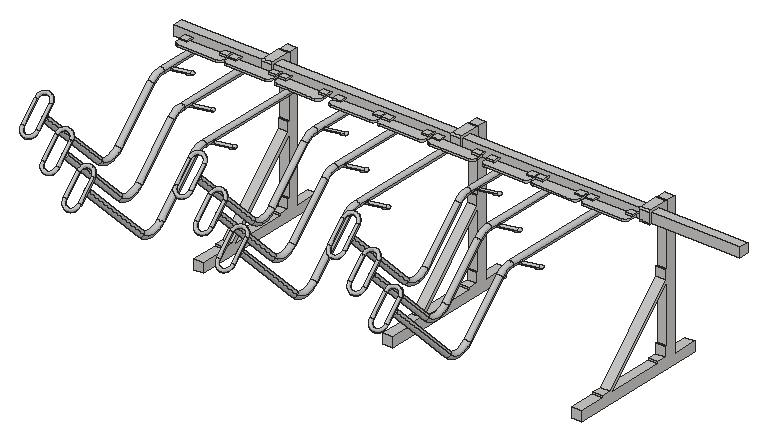
Revit family "Bicycle-Rack_Dero_Bike-File-Wall", category Generic Models, host Face, Revit 2026
Family settings
  Host = Face
  Can host rebar = No
  Round Connector Dimension = Use Diameter
  Part Type = Normal
  Classification Number = 23.40.10.11.11
  Cut with Voids When Loaded = No
  Maintain Annotation Orientation = No
  Shared = No
  Room Calculation Point = No
Parameters (values of type "as Specified")
  Unit Width = 8' - 0"
  Unit Height = 2' - 0"
  Unit Depth = 2' - 0"
  URL = "http://www.dero.com/"
  Type Comments = ""
  Specification = "https://www.arcat.com/company/dero-bike-rack-co-a-playcore-company-39089/spec"
  Recycled Content [instance] = "as Specified"
  Product Page URL = "https://www.arcat.com/company/dero-bike-rack-co-a-playcore-company-39089"
  Mounting Height = 6' - 0"
  Model = "Bike File Wall"
  Manufacturer = "Dero Bike Rack Co."
  Keynote = "12 93 13"
  Fixture Finish [instance] = Metal - Steel - Galvanized
  Description = "Dero Wall Mounted Bike Rack - Bike File as Specified"
  Default Elevation = 0' - 0"  # constant formula
  Cost = 0
  Copyright = "ARCAT"  # constant formula
  Capacity = "9 Bikes per Unit"
  CAD Details = "https://www.arcat.com/company/dero-bike-rack-co-a-playcore-company-39089/cad"
  Available Options = "Galvanized"
  Assembly Code = "E1090900"
Reference planes (in)
  plane 1 "Center (Front/Back)": y = 30
  plane 2: z = 0
  plane 3 "Center (Left/Right)": x = 0
  plane 4: x = -48
  plane 5: x = 48
  plane 6: x = -32
  plane 7: x = 32
  plane 8 "FF": y = -42
Forms (in)
  Extrusion 1, solid, material "Metal - Steel - Galvanized" <- "Fixture Finish"
    sketch origin (0, 0, 0) x (0, 1, 0) y (0, 0, 1)
      loop
        line (30, 0) -> (54, 0) -> (54, 1.625) -> (49.75, 1.625) -> (49.75, 25.625) -> (48.125, 25.625) -> (48.125, 15.1875) -> (47.875, 15.1875) -> (47.875, 13.625) -> (36.125, 1.875) -> (34.5, 1.875) -> (34.5, 1.625) -> (30, 1.625) -> (30, 0)
      loop
        line (36.3125, 1.625) -> (46.25, 1.625) -> (46.25, 1.875) -> (47.875, 1.875) -> (47.875, 3.5) -> (48.125, 3.5) -> (48.125, 13.4375) -> (36.3125, 1.625)
    from 0.8125 to -0.8125
  Extrusion 2, solid, material "Metal - Steel - Galvanized" <- "Fixture Finish"
    sketch origin (32, 10.73464, 48) x (0, 1, 0) y (0, 0, 1)
      loop
        line (19.26536, -48) -> (43.26536, -48) -> (43.26536, -46.375) -> (39.01536, -46.375) -> (39.01536, -22.375) -> (37.39036, -22.375) -> (37.39036, -32.8125) -> (37.14036, -32.8125) -> (37.14036, -34.375) -> (25.39036, -46.125) -> (23.76536, -46.125) -> (23.76536, -46.375) -> (19.26536, -46.375) -> (19.26536, -48)
      loop
        line (25.57786, -46.375) -> (35.51536, -46.375) -> (35.51536, -46.125) -> (37.14036, -46.125) -> (37.14036, -44.5) -> (37.39036, -44.5) -> (37.39036, -34.5625) -> (25.57786, -46.375)
    from 0.8125 to -0.8125
  Extrusion 3, solid, material "Metal - Steel - Galvanized" <- "Fixture Finish"
    sketch origin (-32, 10.73464, 48) x (0, 1, 0) y (0, 0, 1)
      loop
        line (19.26536, -48) -> (43.26536, -48) -> (43.26536, -46.375) -> (39.01536, -46.375) -> (39.01536, -22.375) -> (37.39036, -22.375) -> (37.39036, -32.8125) -> (37.14036, -32.8125) -> (37.14036, -34.375) -> (25.39036, -46.125) -> (23.76536, -46.125) -> (23.76536, -46.375) -> (19.26536, -46.375) -> (19.26536, -48)
      loop
        line (25.57786, -46.375) -> (35.51536, -46.375) -> (35.51536, -46.125) -> (37.14036, -46.125) -> (37.14036, -44.5) -> (37.39036, -44.5) -> (37.39036, -34.5625) -> (25.57786, -46.375)
    from 0.8125 to -0.8125
Dimensions and locks (in)
  equal spacing: plane 4, plane 3 "Center (Left/Right)", plane 5
  "Unit Width": plane 4 to plane 5
  locked: plane 6 to plane 3 "Center (Left/Right)" at 32
  locked: plane 3 "Center (Left/Right)" to plane 7 at 32
  "Mounting Height": plane 1 "Center (Front/Back)" to plane 8 "FF"
  aligned and locked: plane 2 to host face
  aligned and locked: level to host face
Automatic sketch dimensions
  host sketch curve to host sketch curve = 8' - 0"  (x2)
  Extrusion 1 sketch curve to level = 0' - 0"
  Extrusion 1 sketch curve to plane 1 "Center (Front/Back)" = 0' - 0"
  level to Extrusion 1 sketch curve = 0' - 1 5/8"  (x3)
  Extrusion 1 sketch curve to Extrusion 1 sketch curve = 0' - 4 1/2"
  Extrusion 1 sketch curve to Extrusion 1 sketch curve = 0' - 1 5/8"  (x4)
  Extrusion 1 sketch curve to Extrusion 1 sketch curve = 0' - 0 3/16"  (x2)
  level to Extrusion 1 sketch curve = 0' - 1 7/8"
  Extrusion 1 sketch curve to Extrusion 1 sketch curve = 0' - 9 15/16"  (x2)
  Extrusion 1 sketch curve to Extrusion 1 sketch curve = 0' - 0"
  Extrusion 1 sketch curve to Extrusion 1 sketch curve = 0' - 0 1/4"  (x3)
  Extrusion 1 sketch curve to Extrusion 1 sketch curve = 0' - 4 1/4"
  Extrusion 1 sketch curve to Extrusion 1 sketch curve = 0' - 1 9/16"
  Extrusion 2 sketch curve to level = 0' - 0"
  Extrusion 2 sketch curve to plane 1 "Center (Front/Back)" = 0' - 0"
  level to Extrusion 2 sketch curve = 0' - 1 5/8"  (x3)
  Extrusion 2 sketch curve to plane 1 "Center (Front/Back)" = 0' - 4 1/2"
  Extrusion 2 sketch curve to Extrusion 2 sketch curve = 0' - 1 5/8"  (x4)
  Extrusion 2 sketch curve to Extrusion 2 sketch curve = 0' - 0 3/16"  (x2)
  level to Extrusion 2 sketch curve = 0' - 1 7/8"
  Extrusion 2 sketch curve to Extrusion 2 sketch curve = 0' - 9 15/16"  (x2)
  Extrusion 2 sketch curve to Extrusion 2 sketch curve = 0' - 0"
  Extrusion 2 sketch curve to Extrusion 2 sketch curve = 0' - 0 1/4"  (x3)
  Extrusion 2 sketch curve to Extrusion 2 sketch curve = 0' - 4 1/4"
  Extrusion 2 sketch curve to Extrusion 2 sketch curve = 0' - 1 9/16"
  Extrusion 3 sketch curve to level = 0' - 0"
  Extrusion 3 sketch curve to plane 1 "Center (Front/Back)" = 0' - 0"
  level to Extrusion 3 sketch curve = 0' - 1 5/8"  (x3)
  Extrusion 3 sketch curve to Extrusion 3 sketch curve = 0' - 4 1/2"
  Extrusion 3 sketch curve to Extrusion 3 sketch curve = 0' - 1 5/8"  (x4)
  Extrusion 3 sketch curve to Extrusion 3 sketch curve = 0' - 0 3/16"  (x2)
  level to Extrusion 3 sketch curve = 0' - 1 7/8"
  Extrusion 3 sketch curve to Extrusion 3 sketch curve = 0' - 9 15/16"  (x2)
  Extrusion 3 sketch curve to Extrusion 3 sketch curve = 0' - 0"
  Extrusion 3 sketch curve to Extrusion 3 sketch curve = 0' - 0 1/4"  (x3)
  Extrusion 3 sketch curve to Extrusion 3 sketch curve = 0' - 4 1/4"
  Extrusion 3 sketch curve to Extrusion 3 sketch curve = 0' - 1 9/16"
  Extrusion 1 sketch curve to Extrusion 1 sketch curve = 0' - 10 7/16"
  Extrusion 2 sketch curve to Extrusion 2 sketch curve = 0' - 10 7/16"
  Extrusion 3 sketch curve to Extrusion 3 sketch curve = 0' - 10 7/16"
Nested families (in)
  nested 1: "Bike-File-Ceiling" at (0, 48.125, 24.5625) x (-1, 0, 0) z (0, -1, 0), Fixture Finish <- "Fixture Finish", type "Bike-File-Ceiling"
    with Recycled Content "as Specified", Locate Third Bracket 6' - 8", Locate Second Bracket 4' - 0", Locate First Bracket 1' - 4", Fixture Finish Metal - Steel - Galvanized
Definition of nested family "Bike-File-Ceiling"
  Parameters
    Warranty Duration (Years) = 0
    Unit Width = 8' - 0"
    Unit Height = 2' - 11"
    Unit Depth = 0' - 2 3/8"
    URL = "http://www.dero.com/"
    Standards Conformance = "as Specified"
    Specification = "http://www.arcat.com/sdspecs/htm04/12_93_13der.htm"
    SpecWizard = ""
    Sales Information = "http://www.dero.com/contact"
    Recycled Content [instance] = "as Specified"
    Product Properties = ""
    Product Data = "http://www.arcat.com/arcatcos/cos39/arc39089.html"
    Model = "As Specified"
    Manufacturer Website = "http://www.dero.com/"
    Manufacturer Phone - Toll Free = "888-337-6729"
    Manufacturer Phone = "612-359-0689"
    Manufacturer Fax = "612-331-2731"
    Manufacturer Address = "504 Malcolm Ave. SE  Suite 100  Minneapolis, MN 55414"
    Manufacturer = "Dero Bike Rack Co."
    Maintenance Schedule (Months) = 0
    Locate Third Bracket [instance] = 6' - 4"
    Locate Second Bracket [instance] = 3' - 9"
    Locate First Bracket [instance] = 1' - 4"
    Keynote = "12 93 13"
    Installation Phase = "as Specified"
    Green Building-LEED = ""
    Fixture Finish [instance] = none
    Expected Lifespan (Years) = 0
    Drawn By = "Sumex Design, Inc. / Robert S. Weygant, CSI, CDT, SCIP"  # constant formula
    Description = "Dero Bike Rack as Specified"
    Default Elevation = 0' - 0"  # constant formula
    Copyright = "©Arcat Inc. R1_2016-06"  # constant formula
    Construction Details = "http://www.arcat.com/details/derobike/derobike.html?coid=39089"
    Capacity = "as Specified"
    Available Options = "as Specified"
    Assembly Code = "E1090900"
  Reference planes (in)
    plane 1 "Center (Front/Back)": y = 0
    plane 2: z = 0
    plane 3 "Center (Left/Right)": x = 0
    plane 4: x = -48
    plane 5: x = 48
    plane 6: z = 35
    plane 7: x = -32
    plane 8: x = 28
    plane 9: x = -3
    plane 10: z = 2.6875
  Forms (in)
    Extrusion 1, solid
      sketch origin (0, 0, 0) x (1, 0, 0) y (0, 1, 0)
        loop
          line (-48, 48) -> (-48, -48) -> (48, -48) -> (48, 48) -> (-48, 48)
      from 0 to -12
    Extrusion 2, solid, material <- "Fixture Finish"
      sketch origin (-32, 19.13326, 48) x (0, 1, 0) y (0, 0, 1)
        loop
          line (-19.94576, -48) -> (-18.32076, -48)
          arc (-18.32076, -48) -> (-18.14399, -47.92678) -> (-18.07076, -47.75) r 0.25
          line (-18.07076, -47.75) -> (-18.07076, -44.5)
          arc (-18.07076, -44.5) -> (-18.14399, -44.32322) -> (-18.32076, -44.25) r 0.25
          line (-18.32076, -44.25) -> (-19.94576, -44.25)
          arc (-19.94576, -44.25) -> (-20.12254, -44.32322) -> (-20.19576, -44.5) r 0.25
          line (-20.19576, -44.5) -> (-20.19576, -47.75)
          arc (-20.19576, -47.75) -> (-20.12254, -47.92678) -> (-19.94576, -48) r 0.25
      from 0.8125 to -0.8125
    Extrusion 3, solid, material <- "Fixture Finish"
      sketch origin (-3, 19.13326, 48) x (0, 1, 0) y (0, 0, 1)
        loop
          line (-19.94576, -48) -> (-18.32076, -48)
          arc (-18.32076, -48) -> (-18.14399, -47.92678) -> (-18.07076, -47.75) r 0.25
          line (-18.07076, -47.75) -> (-18.07076, -44.5)
          arc (-18.07076, -44.5) -> (-18.14399, -44.32322) -> (-18.32076, -44.25) r 0.25
          line (-18.32076, -44.25) -> (-19.94576, -44.25)
          arc (-19.94576, -44.25) -> (-20.12254, -44.32322) -> (-20.19576, -44.5) r 0.25
          line (-20.19576, -44.5) -> (-20.19576, -47.75)
          arc (-20.19576, -47.75) -> (-20.12254, -47.92678) -> (-19.94576, -48) r 0.25
      from 0.8125 to -0.8125
    Extrusion 4, solid, material <- "Fixture Finish"
      sketch origin (28, 19.13326, 48) x (0, 1, 0) y (0, 0, 1)
        loop
          line (-19.94576, -48) -> (-18.32076, -48)
          arc (-18.32076, -48) -> (-18.14399, -47.92678) -> (-18.07076, -47.75) r 0.25
          line (-18.07076, -47.75) -> (-18.07076, -44.5)
          arc (-18.07076, -44.5) -> (-18.14399, -44.32322) -> (-18.32076, -44.25) r 0.25
          line (-18.32076, -44.25) -> (-19.94576, -44.25)
          arc (-19.94576, -44.25) -> (-20.12254, -44.32322) -> (-20.19576, -44.5) r 0.25
          line (-20.19576, -44.5) -> (-20.19576, -47.75)
          arc (-20.19576, -47.75) -> (-20.12254, -47.92678) -> (-19.94576, -48) r 0.25
      from 0.8125 to -0.8125
    Extrusion 5, solid, material <- "Fixture Finish"
      sketch origin (0, 0, 1.625) x (0, 1, 0) y (0, 0, 1)
        loop
          line (-0.8125, 0.25) -> (0.8125, 0.25) -> (0.8125, 1.875) -> (-0.8125, 1.875) -> (-0.8125, 0.25)
      from -48 to 48
  Dimensions and locks (in)
    "Unit Height": plane 6 to level
    equal spacing: plane 4, plane 3 "Center (Left/Right)", plane 5
    "Unit Width": plane 4 to plane 5
    "Locate First Bracket": plane 4 to plane 7
    "Locate Third Bracket": plane 4 to plane 8
    "Locate Second Bracket": plane 4 to plane 9
    aligned and locked: plane 2 to Extrusion 1
    aligned and locked: level to Extrusion 1
    aligned and locked: plane 5 to Extrusion 5
    aligned and locked: Extrusion 5 to plane 4
  Automatic sketch dimensions
    Extrusion 1 sketch curve to Extrusion 1 sketch curve = 8' - 0"  (x2)
    Extrusion 2 sketch curve to level = 0' - 0"
    level to Extrusion 2 sketch curve = 0' - 0 1/4"
    plane 1 "Center (Front/Back)" to Extrusion 2 sketch curve = 0' - 1 1/16"
    Extrusion 2 sketch curve to Extrusion 2 sketch curve = 0' - 0 1/4"  (x2)
    Extrusion 2 sketch curve to plane 1 "Center (Front/Back)" = 0' - 0 13/16"  (x2)
    Extrusion 2 sketch curve to Extrusion 2 sketch curve = 0' - 3 1/4"
    Extrusion 3 sketch curve to level = 0' - 0"
    level to Extrusion 3 sketch curve = 0' - 0 1/4"  (x2)
    plane 1 "Center (Front/Back)" to Extrusion 3 sketch curve = 0' - 1 1/16"
    Extrusion 3 sketch curve to Extrusion 3 sketch curve = 0' - 0 1/4"
    Extrusion 3 sketch curve to plane 1 "Center (Front/Back)" = 0' - 0 13/16"  (x2)
    Extrusion 3 sketch curve to Extrusion 3 sketch curve = 0' - 3 1/4"
    Extrusion 4 sketch curve to level = 0' - 0"
    level to Extrusion 4 sketch curve = 0' - 0 1/4"  (x2)
    plane 1 "Center (Front/Back)" to Extrusion 4 sketch curve = 0' - 1 1/16"
    Extrusion 4 sketch curve to Extrusion 4 sketch curve = 0' - 0 1/4"
    Extrusion 4 sketch curve to plane 1 "Center (Front/Back)" = 0' - 0 13/16"  (x2)
    Extrusion 4 sketch curve to Extrusion 4 sketch curve = 0' - 3 1/4"
    Extrusion 5 sketch curve to plane 1 "Center (Front/Back)" = 0' - 0 13/16"
    level to Extrusion 5 sketch curve = 0' - 1 7/8"
    plane 1 "Center (Front/Back)" to Extrusion 5 sketch curve = 0' - 0 13/16"
    Extrusion 5 sketch curve to Extrusion 5 sketch curve = 0' - 1 5/8"
  Nested families (in)
    nested 1: "FileL" at (25.25, 0, 2.6875), finish <- "Fixture Finish", type "FileL"
      with finish none
    nested 2: "FileM" at (33.75, 0, 2.6875), finish <- "Fixture Finish", type "FileM"
      with finish none
    nested 3: "FileS" at (42, 0, 2.6875), finish <- "Fixture Finish", type "FileS"
      with finish none
    nested 4: "FileL" at (-0.75, 0, 2.6875), finish <- "Fixture Finish", type "FileL"
      with finish none
    nested 5: "FileM" at (7.75, 0, 2.6875), finish <- "Fixture Finish", type "FileM"
      with finish none
    nested 6: "FileS" at (16, 0, 2.6875), finish <- "Fixture Finish", type "FileS"
      with finish none
    nested 7: "FileL" at (-26.75, 0, 2.6875), finish <- "Fixture Finish", type "FileL"
      with finish none
    nested 8: "FileM" at (-18.25, 0, 2.6875), finish <- "Fixture Finish", type "FileM"
      with finish none
    nested 9: "FileS" at (-10, 0, 2.6875), finish <- "Fixture Finish", type "FileS"
      with finish none
  Definition of nested family "FileL"
    Parameters
      finish [instance] = none
      Default Elevation = 4' - 0"
    Reference planes (in)
      plane 1 "Center (Front/Back)": y = 0
      plane 2: z = 0
      plane 3 "Center (Left/Right)": x = 0
    Forms (in)
      Extrusion 1, solid, material <- "finish"
        sketch origin (0, 0, 0) x (1, 0, 0) y (0, 0, 1)
          loop
            circle (-3.375, 0) r 0.625
          loop
            circle (3.375, 0) r 0.625
        from -0.59375 to 0.59375
      Extrusion 2, solid, material <- "finish"
        sketch origin (0, 0, 0) x (1, 0, 0) y (0, 0, 1)
          loop
            line (-4, 0) -> (-2.75, 0) -> (-2.75, 2) -> (-4, 2) -> (-4, 0)
          loop
            line (2.75, 0) -> (4, 0) -> (4, 2) -> (2.75, 2) -> (2.75, 0)
        from 0.125 to -0.125
      Extrusion 3, solid, material <- "finish"
        sketch origin (0, 0, 0) x (1, 0, 0) y (0, 0, 1)
          loop
            line (-4, 1.375) -> (4, 1.375) -> (4, 2.625)
            arc (4, 2.625) -> (3.78033, 3.15533) -> (3.25, 3.375) r 0.75
            line (3.25, 3.375) -> (-3.25, 3.375)
            arc (-3.25, 3.375) -> (-3.78033, 3.15533) -> (-4, 2.625) r 0.75
            line (-4, 2.625) -> (-4, 1.375)
        from 0.125 to 0.375
      Sweep 4, solid, material <- "finish"
        path origin (0, 0, 0) x (0, 1, 0) y (0, 0, 1)
          loop
            line (-0.375, 1.375) -> (-0.375, 21.125)
            arc (-0.375, 21.125) -> (-0.64142, 22.46439) -> (-1.40013, 23.59987) r 3.5
            line (-1.40013, 23.59987) -> (-8.29442, 30.49416)
            arc (-8.29442, 30.49416) -> (-9.02665, 32.26193) -> (-8.29442, 34.0297) r 2.5
            line (-8.29442, 34.0297) -> (3.01929, 45.34341)
        profile origin (0, -0.375, 11.25) x (0, -1, 0) y (1, 0, 0)
          loop
            circle (0.5, 1.5) r 0.5
      Sweep 5, solid, material <- "finish"
        path origin (0, 3.01929, 45.34341) x (1, 0, 0) y (0, 0.707107, -0.707107)
          loop
            arc (1.5, -2.5) -> (2.75, -3.75) -> (4, -2.5) r 1.25
            line (4, -2.5) -> (4, 1.5)
            arc (4, 1.5) -> (2.75, 2.75) -> (1.5, 1.5) r 1.25
            line (1.5, 1.5) -> (1.5, -2.5)
        profile origin (1.5, 2.66574, 45.69696) x (-1, 0, 0) y (0, 0.707107, 0.707107)
          loop
            circle (0, 0.25) r 0.25
      Revolve 6, solid, material <- "finish"
        sketch origin (0, -1, 39.62059) x (1, 0, 0) y (0, 0, 1)
          loop
            arc (-2.02719, -20.42731) -> (-2.27719, -20.53087) -> (-2.38074, -20.78087) r 0.35355
            line (-2.38074, -20.78087) -> (1.24148, -19.8103) -> (1.17678, -19.56881) -> (-2.02719, -20.42731)
          axis (1.24148, -19.8103) -> (-2.38074, -20.78087)
        angle from 0 to 360
    Cuts and joins
      joined: Extrusion 1, Extrusion 2
    Dimensions and locks (in)
      aligned and locked: plane 2 to level
  Definition of nested family "FileM"
    Parameters
      finish [instance] = none
      Default Elevation = 4' - 0"
    Reference planes (in)
      plane 1 "Center (Front/Back)": y = 0
      plane 2: z = 0
      plane 3 "Center (Left/Right)": x = 0
    Forms (in)
      Extrusion 1, solid, material <- "finish"
        sketch origin (0, 0, 0) x (1, 0, 0) y (0, 0, 1)
          loop
            circle (-3.375, 0) r 0.625
          loop
            circle (3.375, 0) r 0.625
        from -0.59375 to 0.59375
      Extrusion 2, solid, material <- "finish"
        sketch origin (0, 0, 0) x (1, 0, 0) y (0, 0, 1)
          loop
            line (-4, 0) -> (-2.75, 0) -> (-2.75, 2) -> (-4, 2) -> (-4, 0)
          loop
            line (2.75, 0) -> (4, 0) -> (4, 2) -> (2.75, 2) -> (2.75, 0)
        from 0.125 to -0.125
      Extrusion 3, solid, material <- "finish"
        sketch origin (0, 0, 0) x (1, 0, 0) y (0, 0, 1)
          loop
            line (-4, 1.375) -> (4, 1.375) -> (4, 2.625)
            arc (4, 2.625) -> (3.78033, 3.15533) -> (3.25, 3.375) r 0.75
            line (3.25, 3.375) -> (-3.25, 3.375)
            arc (-3.25, 3.375) -> (-3.78033, 3.15533) -> (-4, 2.625) r 0.75
            line (-4, 2.625) -> (-4, 1.375)
        from 0.125 to 0.375
      Sweep 4, solid, material <- "finish"
        path origin (0, 0, -6) x (0, 1, 0) y (0, 0, 1)
          loop
            line (-0.375, 7.375) -> (-0.375, 21.125)
            arc (-0.375, 21.125) -> (-0.64142, 22.46439) -> (-1.40013, 23.59987) r 3.5
            line (-1.40013, 23.59987) -> (-8.29442, 30.49416)
            arc (-8.29442, 30.49416) -> (-9.02665, 32.26193) -> (-8.29442, 34.0297) r 2.5
            line (-8.29442, 34.0297) -> (3.01929, 45.34341)
        profile origin (0, -0.375, 8.25) x (0, -1, 0) y (1, 0, 0)
          loop
            circle (0.5, 1.5) r 0.5
      Sweep 5, solid, material <- "finish"
        path origin (0, 3.01929, 39.34341) x (1, 0, 0) y (0, 0.707107, -0.707107)
          loop
            arc (1.5, -2.5) -> (2.75, -3.75) -> (4, -2.5) r 1.25
            line (4, -2.5) -> (4, 1.5)
            arc (4, 1.5) -> (2.75, 2.75) -> (1.5, 1.5) r 1.25
            line (1.5, 1.5) -> (1.5, -2.5)
        profile origin (1.5, 2.66574, 39.69696) x (-1, 0, 0) y (0, 0.707107, 0.707107)
          loop
            circle (0, 0.25) r 0.25
      Revolve 6, solid, material <- "finish"
        sketch origin (0, -1, 33.62059) x (1, 0, 0) y (0, 0, 1)
          loop
            arc (-2.02719, -20.42731) -> (-2.27719, -20.53087) -> (-2.38074, -20.78087) r 0.35355
            line (-2.38074, -20.78087) -> (1.24148, -19.8103) -> (1.17678, -19.56881) -> (-2.02719, -20.42731)
          axis (1.24148, -19.8103) -> (-2.38074, -20.78087)
        angle from 0 to 360
    Cuts and joins
      joined: Extrusion 1, Extrusion 2
    Dimensions and locks (in)
      aligned and locked: plane 2 to level
  Definition of nested family "FileS"
    Parameters
      finish [instance] = none
      Default Elevation = 4' - 0"
    Reference planes (in)
      plane 1 "Center (Front/Back)": y = 0
      plane 2: z = 0
      plane 3 "Center (Left/Right)": x = 0
    Forms (in)
      Extrusion 1, solid, material <- "finish"
        sketch origin (0, 0, 0) x (1, 0, 0) y (0, 0, 1)
          loop
            circle (-3.375, 0) r 0.625
          loop
            circle (3.375, 0) r 0.625
        from -0.59375 to 0.59375
      Extrusion 2, solid, material <- "finish"
        sketch origin (0, 0, 0) x (1, 0, 0) y (0, 0, 1)
          loop
            line (-4, 0) -> (-2.75, 0) -> (-2.75, 2) -> (-4, 2) -> (-4, 0)
          loop
            line (2.75, 0) -> (4, 0) -> (4, 2) -> (2.75, 2) -> (2.75, 0)
        from 0.125 to -0.125
      Extrusion 3, solid, material <- "finish"
        sketch origin (0, 0, 0) x (1, 0, 0) y (0, 0, 1)
          loop
            line (-4, 1.375) -> (4, 1.375) -> (4, 2.625)
            arc (4, 2.625) -> (3.78033, 3.15533) -> (3.25, 3.375) r 0.75
            line (3.25, 3.375) -> (-3.25, 3.375)
            arc (-3.25, 3.375) -> (-3.78033, 3.15533) -> (-4, 2.625) r 0.75
            line (-4, 2.625) -> (-4, 1.375)
        from 0.125 to 0.375
      Sweep 4, solid, material <- "finish"
        path origin (0, 0, -12) x (0, 1, 0) y (0, 0, 1)
          loop
            line (-0.375, 13.375) -> (-0.375, 21.125)
            arc (-0.375, 21.125) -> (-0.64142, 22.46439) -> (-1.40013, 23.59987) r 3.5
            line (-1.40013, 23.59987) -> (-8.29442, 30.49416)
            arc (-8.29442, 30.49416) -> (-9.02665, 32.26193) -> (-8.29442, 34.0297) r 2.5
            line (-8.29442, 34.0297) -> (3.01929, 45.34341)
        profile origin (0, -0.375, 5.25) x (0, -1, 0) y (1, 0, 0)
          loop
            circle (0.5, 1.5) r 0.5
      Sweep 5, solid, material <- "finish"
        path origin (0, 3.01929, 33.34341) x (1, 0, 0) y (0, 0.707107, -0.707107)
          loop
            arc (1.5, -2.5) -> (2.75, -3.75) -> (4, -2.5) r 1.25
            line (4, -2.5) -> (4, 1.5)
            arc (4, 1.5) -> (2.75, 2.75) -> (1.5, 1.5) r 1.25
            line (1.5, 1.5) -> (1.5, -2.5)
        profile origin (1.5, 2.66574, 33.69696) x (-1, 0, 0) y (0, 0.707107, 0.707107)
          loop
            circle (0, 0.25) r 0.25
      Revolve 6, solid, material <- "finish"
        sketch origin (0, -1, 27.62059) x (1, 0, 0) y (0, 0, 1)
          loop
            arc (-2.02719, -20.42731) -> (-2.27719, -20.53087) -> (-2.38074, -20.78087) r 0.35355
            line (-2.38074, -20.78087) -> (1.24148, -19.8103) -> (1.17678, -19.56881) -> (-2.02719, -20.42731)
          axis (1.24148, -19.8103) -> (-2.38074, -20.78087)
        angle from 0 to 360
    Cuts and joins
      joined: Extrusion 1, Extrusion 2
    Dimensions and locks (in)
      aligned and locked: plane 2 to level
